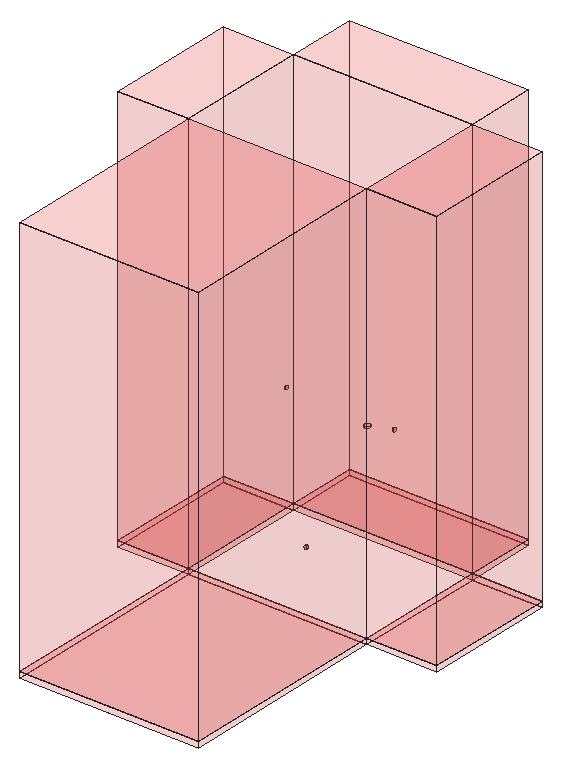
Revit family "ATPSF-101-120-D REV1", category Mechanical Equipment, Revit 2017
Family settings
  Round Connector Dimension = Use Diameter
  Part Type = Normal
  OmniClass Number = 23.75.00.00
  OmniClass Title = Climate Control (HVAC)
  Work Plane-Based = No
  Always vertical = Yes
  Cut with Voids When Loaded = No
  Shared = No
  Room Calculation Point = No
Parameters (values of type "106-D_305/337 GPH_100 PSI_1 HP_1760 RPM")
  URL = "www.preferred-mfg.com"
  Weight = 450.00 lbf
  Relief Valve Radius = Relief Valve Diameter / 2  # 0' - 0 1/4"
  Relief Valve Diameter = 0' - 0 1/2"
  RPM = 1760
  Phase = if([115/208/230 Volts], 1, if([208/230/460 Volts], 3, 0))  # 3
  PSI = 100.00 psi
  Outlet Radius = Outlet Diameter / 2  # 0' - 0 1/4"
  Outlet Diameter = 0' - 0 1/2"
  Optional Features Catalog Number [instance] = "Duplex Strainer \"-D\""
  Model = "ATPSF-106-D"
  Manufacturer = "Preferred Utilities MFG"
  Inlet Radius = Inlet Diameter / 2  # 0' - 0 1/2"
  Inlet Diameter = 0' - 1"
  HP = if([1/3HP], "1/3", if([1/2HP], "1/2", if([3/4HP], "3/4", if([1HP], "1", "Select HP"))))  # "1"
  G.P.H. Oil #2 / #4 = "305 / 337"
  Description = "Automatic Fuel Oil Transfer Pump Set"
  Clearance [instance] = yes
  Base Width = 1' - 10 1/2"
  Base Lenglth = 2' - 6 1/2"
  Base Height = 5' - 9 7/8"
  3/4HP = no
  208/230/460 Volts = if([1/2HP], 1 = 1, if([3/4HP], 1 = 1, if([1HP], 1 = 1, 1 = 0)))  # yes
  1HP = yes
  115/208/230 Volts = if([1/3HP], 1 = 1, 1 = 0)  # no
  1/3HP = no
  1/2HP = no
  1-1/2HP = no
  2HP = no
Types (11): name | RPM | Phase | PSI | Model | HP | G.P.H. Oil #2 / #4 | 3/4HP | 208/230/460 Volts | 1HP | 115/208/230 Volts | 1/3HP | 1/2HP
  (no name) | 1760 | 3 | 100.00 psi | "ATPSF-106-D" | "1" | "305 / 337" | no | yes | yes | no | no | no
  101-D_23/24 GPH_100 PSI_1/3 HP_1725 RPM | 1725 | 1 | 100.00 psi | "ATPSF-101-D" | "1/3" | "23 / 24" | no | no | no | yes | yes | no
  101-D_24/25 GPH_50 PSI_1/3 HP_1725 RPM | 1725 | 1 | 50.00 psi | "ATPSF-101-D" | "1/3" | "24 / 25" | no | no | no | yes | yes | no
  102-D_51/54 GPH_100 PSI_1/3 HP_1725 RPM | 1725 | 1 | 100.00 psi | "ATPSF-102-D" | "1/3" | "51 / 54" | no | no | no | yes | yes | no
  102-D_54/56 GPH_50 PSI_1/3 HP_1725 RPM | 1725 | 1 | 50.00 psi | "ATPSF-102-D" | "1/3" | "54 / 56" | no | no | no | yes | yes | no
  103-D_89/96 GPH_100 PSI_1/3 HP_1725 RPM | 1725 | 1 | 100.00 psi | "ATPSF-103-D" | "1/3" | "89 / 96" | no | no | no | yes | yes | no
  103-D_97/100 GPH_50 PSI_1/3 HP_1725 RPM | 1725 | 1 | 50.00 psi | "ATPSF-103-D" | "1/3" | "97 / 100" | no | no | no | yes | yes | no
  104-D_150/161 GPH_100 PSI_1/2 HP_1725 RPM | 1725 | 3 | 100.00 psi | "ATPSF-104-D" | "1/2" | "150 / 161" | no | yes | no | no | no | yes
  104-D_163/169 GPH_50 PSI_1/2 HP_1725 RPM | 1725 | 3 | 50.00 psi | "ATPSF-104-D" | "1/2" | "163 / 169" | no | yes | no | no | no | yes
  105-D_328/344 GPH_50 PSI_3/4 HP_1725 RPM | 1725 | 3 | 50.00 psi | "ATPSF-105-D" | "3/4" | "328 / 344" | yes | yes | no | no | no | no
  106-D_305/337 GPH_100 PSI_1 HP_1760 RPM | 1760 | 3 | 100.00 psi | "ATPSF-106-D" | "1" | "305 / 337" | no | yes | yes | no | no | no
Reference planes (in)
  plane 1 "Center (Front/Back)": y = 0
  plane 2: z = 0
  plane 3 "Center (Left/Right)": x = 0
  plane 4 "Outlet": z = 15.35714
  plane 5 "Inlet": z = 19.74627
  plane 6: x = 8.37268
  plane 7: y = 6.06023
  plane 8: x = -9.87268
Forms (in)
  Extrusion 1, solid, visible <- "Clearance"
    sketch origin (-198.94, -41.5, 0) x (1, 0, 0) y (0, 1, 0)
      loop
        line (183.69, 41.5) -> (183.69, 5.5) -> (214.19, 5.5) -> (214.19, 41.5) -> (183.69, 41.5)
    from 0 to 1
  Extrusion 2, solid, visible <- "Clearance"
    sketch origin (-198.94, -41.5, 0) x (1, 0, 0) y (0, 1, 0)
      loop
        line (183.69, 41.5) -> (183.69, 5.5) -> (214.19, 5.5) -> (214.19, 41.5) -> (183.69, 41.5)
    from 1 to 69.75
  Extrusion 3, solid
    sketch origin (-24.08381, 0.54783, 19.96266) x (-1, 0, 0) y (0, -1, 0)
      loop
        circle (-24.33381, -18.26517) r 0.5
    from 0 to 0.125
  Extrusion 4, solid
    sketch origin (8.37268, 4.36302, 2.17601) x (0, 1, 0) y (0, 0, 1)
      loop
        circle (9.95066, 22.13636) r 0.25
    from 0 to 0.125
  Extrusion 5, solid
    sketch origin (0, 6.06023, 0) x (1, 0, 0) y (0, 0, 1)
      loop
        circle (0.11224, 7.05783) r 0.25
    from 0 to 0.25
  Extrusion 6, solid
    sketch origin (-9.87268, 4.36302, 2.17601) x (0, 1, 0) y (0, 0, -1)
      loop
        circle (9.95066, -22.13636) r 0.25
    from 0 to 0.125
  Extrusion 7, solid, visible <- "Clearance"
    sketch origin (-168.44, -17.5, 0) x (1, 0, 0) y (0, 1, 0)
      loop
        line (183.69, 40) -> (183.69, 17.5) -> (195.69, 17.5) -> (195.69, 40) -> (183.69, 40)
    from 1 to 69.75
  Extrusion 8, solid, visible <- "Clearance"
    sketch origin (168.44, -17.5, 0) x (-1, 0, 0) y (0, -1, 0)
      loop
        line (183.69, -40) -> (195.69, -40) -> (195.69, -17.5) -> (183.69, -17.5) -> (183.69, -40)
    from 1 to 69.75
  Extrusion 9, solid, visible <- "Clearance"
    sketch origin (-198.94, 64, 0) x (1, 0, 0) y (0, 1, 0)
      loop
        line (183.69, -41.5) -> (214.19, -41.5) -> (214.19, -29.5) -> (183.69, -29.5) -> (183.69, -41.5)
    from 1 to 69.75
  Extrusion 10, solid, visible <- "Clearance"
    sketch origin (-168.44, -17.5, 0) x (1, 0, 0) y (0, 1, 0)
      loop
        line (183.69, 40) -> (183.69, 17.5) -> (195.69, 17.5) -> (195.69, 40) -> (183.69, 40)
    from 0 to 1
  Extrusion 11, solid, visible <- "Clearance"
    sketch origin (168.44, -17.5, 0) x (-1, 0, 0) y (0, -1, 0)
      loop
        line (183.69, -40) -> (195.69, -40) -> (195.69, -17.5) -> (183.69, -17.5) -> (183.69, -40)
    from 0 to 1
  Extrusion 12, solid, visible <- "Clearance"
    sketch origin (-198.94, 64, 0) x (1, 0, 0) y (0, 1, 0)
      loop
        line (183.69, -41.5) -> (214.19, -41.5) -> (214.19, -29.5) -> (183.69, -29.5) -> (183.69, -41.5)
    from 0 to 1
Dimensions and locks (in)
  Extrusion 9 to Extrusion 9 = 2' - 6 1/2"
  Extrusion 7 to Extrusion 7 = 1' - 10 1/2"
  "Inlet Radius": radius of Extrusion 3 sketch curve
  "Relief Valve Radius": radius of Extrusion 4 sketch curve
  "Outlet Radius": radius of Extrusion 5 sketch curve
  "Relief Valve Radius": radius of Extrusion 6 sketch curve
  aligned and locked: level to plane 2
Connectors (in)
  piping at (0.25, 18.813, 19.96266), diameter 1, driven by "Inlet Diameter"
    settings: on Extrusion 3, index 7, connector inside diameter 24", connector length 0' - 0", flow factor 0, pipe flow 0 GPM, pressure drop 0.00 psi, fitting loss kfactor 0, connector angle 0.00°, fixture units 0, engagement length 0' - 0", angle of deflection 0.00°, flow configuration 0, flow direction 0, fitting loss method 0, system type 28, joint type 0, gender type 0, connector reference index -1, connector utility 0, adjustable connector no, is connector primary yes, connector description ""
  piping at (8.37268, 14.31368, 24.31238), diameter 0.5, driven by "Relief Valve Diameter"
    settings: on Extrusion 4, index 8, connector inside diameter 24", connector length 0' - 0", flow factor 0, pipe flow 0 GPM, pressure drop 0.00 psi, fitting loss kfactor 0, connector angle 0.00°, fixture units 0, engagement length 0' - 0", angle of deflection 0.00°, flow configuration 0, flow direction 0, fitting loss method 0, system type 28, joint type 0, gender type 0, connector reference index -1, connector utility 0, adjustable connector no, is connector primary no, connector description ""
  piping at (0.11224, 5.81023, 7.05783), diameter 0.5, driven by "Outlet Diameter"
    settings: on Extrusion 5, index 9, connector inside diameter 24", connector length 0' - 0", flow factor 0, pipe flow 0 GPM, pressure drop 0.00 psi, fitting loss kfactor 0, connector angle 0.00°, fixture units 0, engagement length 0' - 0", angle of deflection 0.00°, flow configuration 0, flow direction 0, fitting loss method 0, system type 28, joint type 0, gender type 0, connector reference index -1, connector utility 0, adjustable connector no, is connector primary no, connector description ""
  piping at (-9.87268, 14.31368, 24.31238), diameter 0.5, driven by "Relief Valve Diameter"
    settings: on Extrusion 6, index 10, connector inside diameter 24", connector length 0' - 0", flow factor 0, pipe flow 0 GPM, pressure drop 0.00 psi, fitting loss kfactor 0, connector angle 0.00°, fixture units 0, engagement length 0' - 0", angle of deflection 0.00°, flow configuration 0, flow direction 0, fitting loss method 0, system type 28, joint type 0, gender type 0, connector reference index -1, connector utility 0, adjustable connector no, is connector primary no, connector description ""
